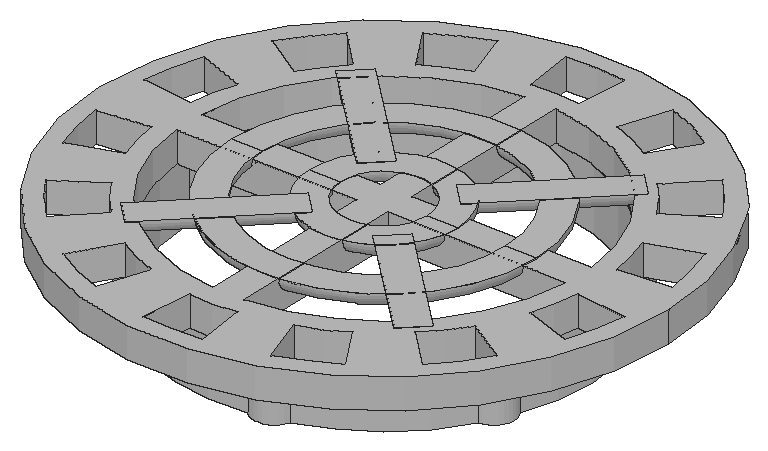
Revit family "483260001(1)", category Generic Models, host Floor, Revit 2019
Family settings
  Host = Floor
  Can host rebar = No
  Always vertical = Yes
  Cut with Voids When Loaded = No
  Shared = Yes
  Room Calculation Point = No
Parameters (values of type "483260001")
  SUPPLIER = "KOERO"
  NT = "Balcony transit and drain wastes"
  NN = "PLUVETTA® ROOSTER"
  NBSYN = "$CNSORDERNO.($LODLEVEL.)"
  NB = "483260001(1)"
  Model = "483260001"
  Manufacturer = "KOERO"
  MIdent = "{$CADENAS_DATA/23d-libs/koero/pluvetta/pluvetta_rooster.prj},188 {VTYP=3D},{NB=483260001(1)},{LINA=483260001},{NN=PLUVETTA® ROOSTER},{DATE=23.04.2020 08:29:08},{GEOMDATE=03.04.2020 06:45:27},{VERSION=},{LINEID=10},{WBVAR=LODLEVEL},{WBNUMERIC=LODLEVEL}  {NB=483260001(1)},{LINA=483260001},{KT=DUMMY},{CNSORDERNO=483260001},{LODLEVEL=1},{BEZ=Afvoerrooster geschikt voor pot 50-60 mm, Ø 93 mm buitenzijde rooster},{GRATE=1},{D1=93},{D2=64},{H=15},{INFO=PDF Catalog},{HTML=Product page},{S=60},{N=14},{X=1},{GRATEVIS=Transit},{INFOPAGE=pluvetta_pot},{INFOPATH=pluvetta_pot_nl.pdf},{HTML1=https://debeer-sanitair.nl/maattekeningen/pluvetta/},{VER=2}"
  LODLEVEL = "300"
  LINA = "483260001"
  INFO = "PDF Catalog"
  HTML = "Product page"
  H = 15 mm
  Description = "Balcony transit and drain wastes"
  D2 = 64 mm
  D1 = 93 mm
  CREATOR = "CADENAS GmbH"
  CNSORDERNO = "483260001"
  CATALOG = "König & Ronneberger"
  BOMINFO = "LINA"
  BEZ = "Afvoerrooster geschikt voor pot 50-60 mm, Ø 93 mm buitenzijde rooster"
  ARTICLENO = "NB"
Reference planes
  plane 1 "Center (Front/Back)": y = 0
  plane 2: z = 0
  plane 3 "Center (Left/Right)": x = 0
Dimensions and locks
  aligned and locked: level to plane 2
Nested families
  nested 1: "483260001(1)_content" at (0, 0, 0), type "483260001(1)_Content"
Definition of nested family "483260001(1)_content"
  Parameters (values of type "483260001(1)_Content")
    SUPPLIER = "KOERO"
    NT = "Balcony transit and drain wastes"
    NN = "PLUVETTA® ROOSTER"
    NBSYN = "$CNSORDERNO.($LODLEVEL.)"
    NB = "483260001(1)"
    Model = "483260001"
    Manufacturer = "KOERO"
    LODLEVEL = "300"
    LINA = "483260001"
    INFO = "PDF Catalog"
    HTML = "Product page"
    H = 15 mm
    Description = "Balcony transit and drain wastes"
    Default Elevation = 1219.2 mm
    D2 = 64 mm
    D1 = 93 mm
    CREATOR = "CADENAS GmbH"
    CNSORDERNO = "483260001"
    CATALOG = "König & Ronneberger"
    BOMINFO = "LINA"
    BEZ = "Afvoerrooster geschikt voor pot 50-60 mm, Ø 93 mm buitenzijde rooster"
    ARTICLENO = "NB"
  Reference planes
    plane 1 "Center (Front/Back)": y = 0
    plane 2: z = 0
    plane 3 "Center (Left/Right)": x = 0
  Forms (mm)
    Extrusion 1, solid, detail levels medium+fine
      sketch origin (0, 0, 0) x (-1, 0, 0) y (0, -1, 0)
        loop
          circle (0, 0) r 46.5
        loop
          arc (33.036, 11.56) -> (34.122, 7.788) -> (34.78, 3.919) r 35
          line (34.78, 3.919) -> (43.226, 4.87)
          arc (43.226, 4.87) -> (42.409, 9.68) -> (41.059, 14.367) r 43.5
          line (41.059, 14.367) -> (33.036, 11.56)
        loop
          line (33.036, -11.56) -> (41.059, -14.367)
          arc (41.059, -14.367) -> (42.409, -9.68) -> (43.226, -4.87) r 43.5
          line (43.226, -4.87) -> (34.78, -3.919)
          arc (34.78, -3.919) -> (34.122, -7.788) -> (33.036, -11.56) r 35
        loop
          arc (24.749, 24.749) -> (27.364, 21.822) -> (29.635, 18.621) r 35
          line (29.635, 18.621) -> (36.833, 23.143)
          arc (36.833, 23.143) -> (34.01, 27.122) -> (30.759, 30.759) r 43.5
          line (30.759, 30.759) -> (24.749, 24.749)
        loop
          line (24.749, -24.749) -> (30.759, -30.759)
          arc (30.759, -30.759) -> (34.01, -27.122) -> (36.833, -23.143) r 43.5
          line (36.833, -23.143) -> (29.635, -18.621)
          arc (29.635, -18.621) -> (27.364, -21.822) -> (24.749, -24.749) r 35
        loop
          arc (11.56, 33.036) -> (15.186, 31.534) -> (18.621, 29.635) r 35
          line (18.621, 29.635) -> (23.143, 36.833)
          arc (23.143, 36.833) -> (18.874, 39.192) -> (14.367, 41.059) r 43.5
          line (14.367, 41.059) -> (11.56, 33.036)
        loop
          line (11.56, -33.036) -> (14.367, -41.059)
          arc (14.367, -41.059) -> (18.874, -39.192) -> (23.143, -36.833) r 43.5
          line (23.143, -36.833) -> (18.621, -29.635)
          arc (18.621, -29.635) -> (15.186, -31.534) -> (11.56, -33.036) r 35
        loop
          line (2.5, -2.5) -> (2.5, -31.902)
          arc (2.5, -31.902) -> (22.627, -22.627) -> (31.902, -2.5) r 32
          line (31.902, -2.5) -> (2.5, -2.5)
        loop
          line (2.5, 31.902) -> (2.5, 2.5) -> (31.902, 2.5)
          arc (31.902, 2.5) -> (22.627, 22.627) -> (2.5, 31.902) r 32
        loop
          arc (-4.87, -43.226) -> (0, -43.5) -> (4.87, -43.226) r 43.5
          line (4.87, -43.226) -> (3.919, -34.78)
          arc (3.919, -34.78) -> (0, -35) -> (-3.919, -34.78) r 35
          line (-3.919, -34.78) -> (-4.87, -43.226)
        loop
          line (-4.87, 43.226) -> (-3.919, 34.78)
          arc (-3.919, 34.78) -> (0, 35) -> (3.919, 34.78) r 35
          line (3.919, 34.78) -> (4.87, 43.226)
          arc (4.87, 43.226) -> (0, 43.5) -> (-4.87, 43.226) r 43.5
        loop
          arc (-23.143, -36.833) -> (-18.874, -39.192) -> (-14.367, -41.059) r 43.5
          line (-14.367, -41.059) -> (-11.56, -33.036)
          arc (-11.56, -33.036) -> (-15.186, -31.534) -> (-18.621, -29.635) r 35
          line (-18.621, -29.635) -> (-23.143, -36.833)
        loop
          line (-23.143, 36.833) -> (-18.621, 29.635)
          arc (-18.621, 29.635) -> (-15.186, 31.534) -> (-11.56, 33.036) r 35
          line (-11.56, 33.036) -> (-14.367, 41.059)
          arc (-14.367, 41.059) -> (-18.874, 39.192) -> (-23.143, 36.833) r 43.5
        loop
          line (-31.902, 2.5) -> (-2.5, 2.5) -> (-2.5, 31.902)
          arc (-2.5, 31.902) -> (-22.627, 22.627) -> (-31.902, 2.5) r 32
        loop
          arc (-31.902, -2.5) -> (-22.627, -22.627) -> (-2.5, -31.902) r 32
          line (-2.5, -31.902) -> (-2.5, -2.5) -> (-31.902, -2.5)
        loop
          arc (-36.833, -23.143) -> (-34.01, -27.122) -> (-30.759, -30.759) r 43.5
          line (-30.759, -30.759) -> (-24.749, -24.749)
          arc (-24.749, -24.749) -> (-27.364, -21.822) -> (-29.635, -18.621) r 35
          line (-29.635, -18.621) -> (-36.833, -23.143)
        loop
          line (-36.833, 23.143) -> (-29.635, 18.621)
          arc (-29.635, 18.621) -> (-27.364, 21.822) -> (-24.749, 24.749) r 35
          line (-24.749, 24.749) -> (-30.759, 30.759)
          arc (-30.759, 30.759) -> (-34.01, 27.122) -> (-36.833, 23.143) r 43.5
        loop
          arc (-43.226, -4.87) -> (-42.409, -9.68) -> (-41.059, -14.367) r 43.5
          line (-41.059, -14.367) -> (-33.036, -11.56)
          arc (-33.036, -11.56) -> (-34.122, -7.788) -> (-34.78, -3.919) r 35
          line (-34.78, -3.919) -> (-43.226, -4.87)
        loop
          line (-43.226, 4.87) -> (-34.78, 3.919)
          arc (-34.78, 3.919) -> (-34.122, 7.788) -> (-33.036, 11.56) r 35
          line (-33.036, 11.56) -> (-41.059, 14.367)
          arc (-41.059, 14.367) -> (-42.409, 9.68) -> (-43.226, 4.87) r 43.5
      from 0 to 5
    Extrusion 2, solid, detail levels medium+fine
      sketch origin (0, 0, 0) x (-1, 0, 0) y (0, -1, 0)
        loop
          arc (-31.8, 12.031) -> (-34, 0) -> (-31.8, -12.031) r 34
          arc (-31.8, -12.031) -> (-31.984, -15.403) -> (-29.233, -17.361) r 3.5
          arc (-29.233, -17.361) -> (-21.199, -26.582) -> (-10.421, -32.364) r 34
          arc (-10.421, -32.364) -> (-7.899, -34.61) -> (-4.653, -33.68) r 3.5
          arc (-4.653, -33.68) -> (7.566, -33.148) -> (18.806, -28.326) r 34
          arc (18.806, -28.326) -> (22.134, -27.755) -> (23.431, -24.637) r 3.5
          arc (23.431, -24.637) -> (30.633, -14.752) -> (33.871, -2.958) r 34
          arc (33.871, -2.958) -> (35.5, 0) -> (33.871, 2.958) r 3.5
          arc (33.871, 2.958) -> (30.633, 14.752) -> (23.431, 24.637) r 34
          arc (23.431, 24.637) -> (22.134, 27.755) -> (18.806, 28.326) r 3.5
          arc (18.806, 28.326) -> (7.566, 33.148) -> (-4.653, 33.68) r 34
          arc (-4.653, 33.68) -> (-7.899, 34.61) -> (-10.421, 32.364) r 3.5
          arc (-10.421, 32.364) -> (-21.199, 26.582) -> (-29.233, 17.361) r 34
          arc (-29.233, 17.361) -> (-31.984, 15.403) -> (-31.8, 12.031) r 3.5
        loop
          circle (0, 0) r 32
      from -10 to 0
    Revolve 3, solid, detail levels medium+fine
      sketch origin (0, 0, 0) x (-1, 0, 0) y (0, 0, -1)
        loop
          line (19.9, -5) -> (24.9, -5)
          arc (24.9, -5) -> (22.4, -2.5) -> (19.9, -5) r 2.5
        axis (0, -5) -> (0, -4)
      angle from -360 to 0
    Revolve 4, solid, detail levels medium+fine
      sketch origin (0, 0, 0) x (-1, 0, 0) y (0, 0, -1)
        loop
          line (7.1, -5) -> (12.1, -5)
          arc (12.1, -5) -> (9.6, -2.5) -> (7.1, -5) r 2.5
        axis (0, -5) -> (0, -4)
      angle from -360 to 0
    Extrusion 5, solid, detail levels medium+fine
      sketch origin (6.788, 6.788, 0) x (-0.707107, 0.707107, 0) y (0, 0, -1)
        loop
          line (-2.5, -5) -> (2.5, -5)
          arc (2.5, -5) -> (0, -2.5) -> (-2.5, -5) r 2.5
      from -24 to 0
    Extrusion 6, solid, detail levels medium+fine
      sketch origin (6.788, -6.788, 0) x (-0.707107, -0.707107, 0) y (0, 0, -1)
        loop
          line (-2.5, -5) -> (2.5, -5)
          arc (2.5, -5) -> (0, -2.5) -> (-2.5, -5) r 2.5
      from 0 to 24
    Extrusion 7, solid, detail levels medium+fine
      sketch origin (-6.788, -6.788, 0) x (-0.707107, 0.707107, 0) y (0, 0, -1)
        loop
          line (-2.5, -5) -> (2.5, -5)
          arc (2.5, -5) -> (0, -2.5) -> (-2.5, -5) r 2.5
      from 0 to 24
    Extrusion 8, solid, detail levels medium+fine
      sketch origin (-6.788, 6.788, 0) x (-0.707107, -0.707107, 0) y (0, 0, -1)
        loop
          line (-2.5, -5) -> (2.5, -5)
          arc (2.5, -5) -> (0, -2.5) -> (-2.5, -5) r 2.5
      from -24 to 0
    Extrusion 9, solid, detail levels coarse
      sketch origin (0, 0, -10) x (1, 0, 0) y (0, 1, 0)
        loop
          line (-46.5, -46.5) -> (46.5, -46.5) -> (46.5, 46.5) -> (-46.5, 46.5) -> (-46.5, -46.5)
      from 0 to 15
  Dimensions and locks
    aligned and locked: level to plane 2
